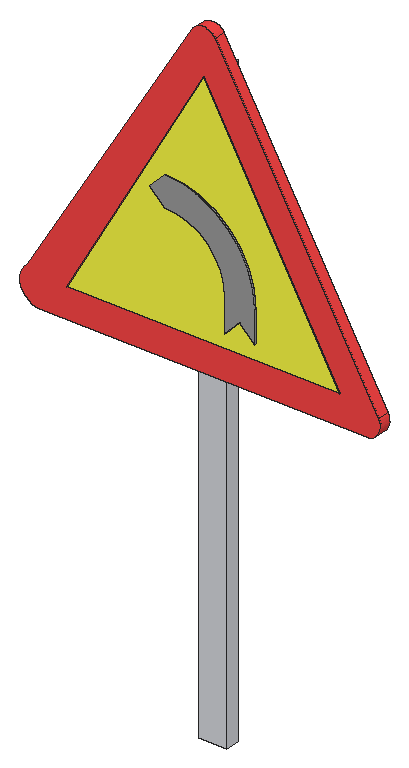
Revit family "CC_Señal_Peligro", category Generic Models, Revit 2018
Family settings
  Can host rebar = No
  Round Connector Dimension = Use Diameter
  Part Type = Normal
  Work Plane-Based = No
  Always vertical = Yes
  Cut with Voids When Loaded = No
  Shared = No
  Room Calculation Point = No
Parameters (values of type "Senyal.Peligro.Curv.Izq.Prov")
  Tipo.Panel = CC_PanelPeligro : Panel.Definitivo.CurvaIzq
  Panel.Estado = Panel.Amarillo
  CC.Panel.Altura = 1600 mm
  CC.Palo.Ancho = 100 mm
  CC.Palo.Profundidad = 50 mm
  CC.Palo.Altura = 2200 mm
Types (7, lengths in mm): name | Tipo.Panel | Panel.Estado
  (no name) | CC_PanelPeligro : Panel.Definitivo.CurvaIzq | Panel.Amarillo
  CC.Señal.Peligro | CC_PanelPeligro : Panel.Definitivo.CruceIzq | Panel.Blanco
  CC.Señal.Prohibicion | CC_PanelPeligro : Panel.Definitivo.CruceIzq | Panel.Blanco
  Senyal.Peligro.Cruce.Izq.Def | CC_PanelPeligro : Panel.Definitivo.CruceIzq | Panel.Blanco
  Senyal.Peligro.Curv.Izq.Def | CC_PanelPeligro : Panel.Definitivo.CurvaIzq | Panel.Blanco
  Senyal.Peligro.Cruce.Izq.Prov | CC_PanelPeligro : Panel.Definitivo.CruceIzq | Panel.Amarillo
  Senyal.Peligro.Curv.Izq.Prov | CC_PanelPeligro : Panel.Definitivo.CurvaIzq | Panel.Amarillo
Reference planes
  plane 1 "Center (Front/Back)": y = 0
  plane 2: z = 0
  plane 3 "Center (Left/Right)": x = 0
  plane 4: z = 2200
  plane 5: z = 1600
Forms (mm)
  Extrusion 1, solid
    sketch origin (0, 0, 0) x (1, 0, 0) y (0, 1, 0)
      loop
        line (-50, 25) -> (-50, -25) -> (50, -25) -> (50, 25) -> (-50, 25)
    from 0 to 2200
Dimensions and locks
  "CC.Palo.Altura": plane 4 to level
  equal spacing: Extrusion 1 sketch curve, plane 3 "Center (Left/Right)", Extrusion 1 sketch curve
  equal spacing: Extrusion 1 sketch curve, plane 1 "Center (Front/Back)", Extrusion 1 sketch curve
  "CC.Palo.Ancho": Extrusion 1 to Extrusion 1
  "CC.Palo.Profundidad": Extrusion 1 to Extrusion 1
  "CC.Panel.Altura": plane 5 to level
  aligned and locked: level to plane 2
  aligned and locked: plane 4 to Extrusion 1
  aligned and locked: Extrusion 1 to level
  aligned and locked: nested 1 to Extrusion 1
  aligned and locked: plane 3 "Center (Left/Right)" to nested 1
Automatic sketch dimensions
  Extrusion 1 sketch curve to plane 3 "Center (Left/Right)" = 50 mm
  plane 1 "Center (Front/Back)" to Extrusion 1 sketch curve = 25 mm
Nested families
  nested 1: "CC_PanelPeligro" at (0, -25, 1600), built-in parameter 1001364 <- "CC.Panel.Altura", type <- "Tipo.Panel", type "Panel.Definitivo.CurvaIzq"
Definition of nested family "CC_PanelPeligro"
  Parameters (values of type "Panel.Definitivo.CruceIzq")
    Panel.Prohibido.Diametro.Interior = 900 mm - 120 mm  # 780 mm
    Panel.Prohibido.Diametro = 900 mm
    Panel.Fondo = none
    Panel.Espesor = 40 mm
    Grafico.Curva.Der = no
    Grafico.Curva.Izq = no
    Grafico.Cruce.Izq = yes
  Types (6, lengths in mm): name | Grafico.Curva.Der | Grafico.Curva.Izq | Grafico.Cruce.Izq
    Panel.Definitivo.CurvaIzq | no | yes | no
    Panel.Definitivo.CurvaDer | yes | no | no
    Panel.Obra.CurvaDer | yes | no | no
    Panel.Obra.CurvaIzq | no | yes | no
    Panel.Definitivo.CruceIzq | no | no | yes
    Panel.Obra.CruceIzq | no | no | yes
  Reference planes
    plane 1 "Center (Front/Back)": y = 0
    plane 2: z = 0
    plane 3 "Center (Left/Right)": x = 0
    plane 4: y = -40
  Forms (mm)
    Extrusion 1, solid
      sketch origin (443.334, 0, -240) x (1, 0, 0) y (0, 0, 1)
        loop
          line (-1031.731, -149.711) -> (144.034, -149.711)
          arc (144.034, -149.711) -> (187.336, -124.711) -> (187.336, -74.711) r 50
          line (187.336, -74.711) -> (-401.062, 944.423)
          arc (-401.062, 944.423) -> (-444.383, 968.523) -> (-486.635, 942.594) r 49.111
          line (-486.635, 942.594) -> (-1075.033, -23.721)
          arc (-1075.033, -23.721) -> (-1098.343, -102.169) -> (-1031.731, -149.711) r 70.436
        loop
          line (-936.468, -44.711) -> (48.771, -44.711) -> (-443.334, 807.594) -> (-936.468, -44.711)
      from 0 to 40
    Extrusion 2, solid, material <- "Panel.Fondo"
      sketch origin (0, 0, 0) x (1, 0, 0) y (0, 0, 1)
        loop
          line (-493.135, -284.711) -> (492.105, -284.711) -> (0, 567.594) -> (-493.135, -284.711)
      from 0 to 40
  Dimensions and locks
    "Panel.Espesor": plane 4 to plane 1 "Center (Front/Back)"
    level to Extrusion 1 sketch curve = 389.711 mm
    Extrusion 1 sketch curve to Extrusion 1 sketch curve = 1175.422 mm
    Extrusion 1 sketch curve to Extrusion 1 sketch curve = 1176.795 mm
    Extrusion 1 sketch curve to Extrusion 1 sketch curve = 1263.397 mm
    Extrusion 1 sketch curve to level = 704.423 mm
    aligned and locked: Extrusion 2 to plane 4
    aligned and locked: Extrusion 2 sketch curve to Extrusion 1  (x3)
    aligned and locked: Extrusion 1 to plane 4
    aligned and locked: Extrusion 2 to plane 1 "Center (Front/Back)"
    aligned and locked: plane 4 to nested 2
    aligned and locked: plane 3 "Center (Left/Right)" to nested 2
    aligned and locked: plane 3 "Center (Left/Right)" to nested 3
    aligned and locked: plane 4 to nested 3
  Automatic sketch dimensions
    Extrusion 1 sketch curve to plane 3 "Center (Left/Right)" = 0 mm  (x2)
    Extrusion 1 sketch curve to plane 3 "Center (Left/Right)" = 43.301 mm
    Extrusion 1 sketch curve to plane 3 "Center (Left/Right)" = 493.135 mm
    Extrusion 1 sketch curve to Extrusion 1 sketch curve = 95.263 mm
    Extrusion 1 sketch curve to Extrusion 1 sketch curve = 43.301 mm  (x2)
    Extrusion 1 sketch curve to Extrusion 1 sketch curve = 138.564 mm
    Extrusion 1 sketch curve to Extrusion 1 sketch curve = 25 mm  (x2)
    Extrusion 1 sketch curve to Extrusion 1 sketch curve = 55 mm
    Extrusion 1 sketch curve to Extrusion 1 sketch curve = 135 mm
  Nested families
    nested 1: "CC_Panel_GraficoCurvIzq" at (0, -40, 0), visible <- "Grafico.Curva.Izq", type "CC_Panel_GraficoCurvIzq"
    nested 2: "CC_Panel_GraficoCurvDer" at (0, -40, 0), visible <- "Grafico.Curva.Der", type "CC_Panel_GraficoCurvDer"
    nested 3: "CC_Panel_GraficoCruIzq" at (0, -40, 0), visible <- "Grafico.Cruce.Izq", type "CC_Panel_GraficoCruIzq"
  Definition of nested family "CC_Panel_GraficoCurvIzq"
    Parameters (values of type "CC_Panel_GraficoCurvIzq")
      Panel.Fondo = none
    Reference planes
      plane 1 "Center (Front/Back)": y = 0
      plane 2: z = 0
      plane 3 "Center (Left/Right)": x = 0
    Forms (mm)
      Extrusion 1, solid
        sketch origin (0, 0, 0) x (1, 0, 0) y (0, 0, 1)
          loop
            arc (186.873, -118.21) -> (92.381, 109.796) -> (-135.624, 204.288) r 322.615
            line (-135.624, 204.288) -> (-188.124, 151.788) -> (-135.624, 99.289)
            arc (-135.624, 99.289) -> (18.147, 35.562) -> (81.874, -118.21) r 217.577
            line (81.874, -118.21) -> (81.874, -230.709) -> (134.373, -178.209) -> (186.873, -230.709) -> (186.873, -118.21)
        from 0 to 5
    Lines and regions (mm)
      symbolic lines
        curve 1: line (-675, 0, -389.711) -> (675, 0, -389.711)
        curve 2: line (-675, 0, -389.711) -> (0, 0, 779.423)
        curve 3: line (0, 0, 779.423) -> (675, 0, -389.711)
        curve 4: line (-493.135, 0, -284.711) -> (0, 0, 569.423)
        curve 5: line (0, 0, 569.423) -> (493.135, 0, -284.711)
        curve 6: line (-493.135, 0, -284.711) -> (493.135, 0, -284.711)
    Dimensions and locks
      aligned and locked: level to plane 2
  Definition of nested family "CC_Panel_GraficoCurvDer"
    Parameters (values of type "CC_Panel_GraficoCurvDer")
      Panel.Fondo = none
    Reference planes
      plane 1 "Center (Front/Back)": y = 0
      plane 2: z = 0
      plane 3 "Center (Left/Right)": x = 0
    Forms (mm)
      Extrusion 1, solid
        sketch origin (0, 0, 0) x (1, 0, 0) y (0, 0, 1)
          loop
            line (-187.514, -117.214) -> (-187.514, -229.713) -> (-135.015, -177.213) -> (-82.515, -229.713) -> (-82.515, -117.214)
            arc (-82.515, -117.214) -> (-18.788, 36.557) -> (134.983, 100.284) r 217.577
            line (134.983, 100.284) -> (187.483, 152.784) -> (134.983, 205.283)
            arc (134.983, 205.283) -> (-93.023, 110.792) -> (-187.514, -117.214) r 322.615
        from 0 to 5
    Lines and regions (mm)
      symbolic lines
        curve 1: line (-675, 0, -389.711) -> (675, 0, -389.711)
        curve 2: line (-675, 0, -389.711) -> (0, 0, 779.423)
        curve 3: line (0, 0, 779.423) -> (675, 0, -389.711)
        curve 4: line (-493.135, 0, -284.711) -> (0, 0, 569.423)
        curve 5: line (0, 0, 569.423) -> (493.135, 0, -284.711)
        curve 6: line (-493.135, 0, -284.711) -> (493.135, 0, -284.711)
    Dimensions and locks
      aligned and locked: level to plane 2
  Definition of nested family "CC_Panel_GraficoCruIzq"
    Parameters (values of type "CC_Panel_GraficoCruIzq")
      Panel.Fondo = none
    Reference planes
      plane 1 "Center (Front/Back)": y = 0
      plane 2: z = 0
      plane 3 "Center (Left/Right)": x = 0
    Forms (mm)
      Extrusion 1, solid
        sketch origin (0, 0, 0) x (1, 0, 0) y (0, 0, 1)
          loop
            line (-97.549, 242.09) -> (-97.549, 95.591) -> (-225.048, 95.591) -> (-225.048, 11.592) -> (-97.549, 11.592) -> (-97.549, -230.406) -> (-0.05, -132.907) -> (97.449, -230.406) -> (97.449, 242.09) -> (-0.05, 339.589) -> (-97.549, 242.09)
        from 0 to 5
    Lines and regions (mm)
      symbolic lines
        curve 1: line (-675, 0, -389.711) -> (675, 0, -389.711)
        curve 2: line (-675, 0, -389.711) -> (0, 0, 779.423)
        curve 3: line (0, 0, 779.423) -> (675, 0, -389.711)
        curve 4: line (-493.135, 0, -284.711) -> (0, 0, 569.423)
        curve 5: line (0, 0, 569.423) -> (493.135, 0, -284.711)
        curve 6: line (-493.135, 0, -284.711) -> (493.135, 0, -284.711)
    Dimensions and locks
      aligned and locked: level to plane 2
